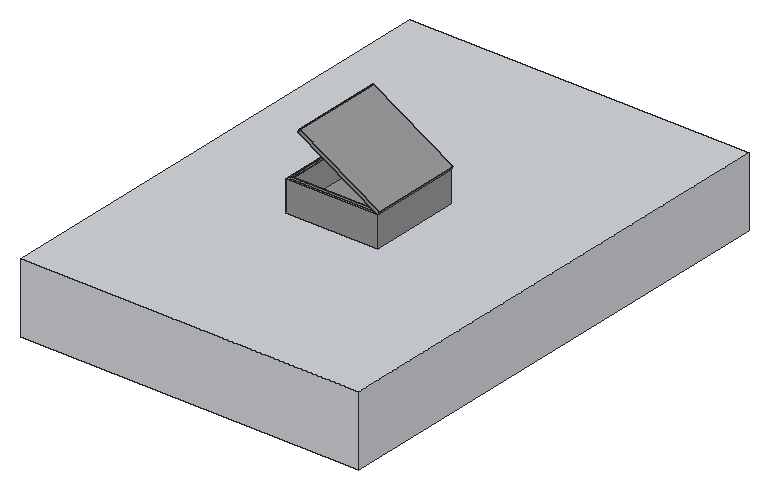
Revit family "Hager-Orion_Inox-IP66-D150-Cl.I-Inox_encl-630A-400mm-CH-fr", category Equipement électrique, Revit 2020
Family settings
  Hôte = Face
  Configuration du panneau = Deux colonnes, circuits au sein
  Cote de connecteur circulaire = Utiliser le diamètre
  Type d'élément = Tableau de raccordement
  Couper avec des vides une fois chargée = Non
  Partagée = Non
  Point de calcul de pièce = Non
Parameters (values of type "saillie IP66 L400 H400 P150  - FL014BWL")
  Width Control [instance] = if([EF000008 - largeur] > Min Width, [EF000008 - largeur], Min Width)  # 400 mm
  Commentaires du type = [HG000003 - Gamme]  # "Orion Inox"
  Thickness Door [instance] = if([EF009171 - épaisseur de matériau de la porte/du couvercle] > 3 mm, 3 mm, [EF009171 - épaisseur de matériau de la porte/du couvercle])  # 1.5 mm
  Seal Frame Offset [instance] = 17 mm  # constant formula
  Model = ""
  Min Width [instance] = 100 mm  # constant formula
  Min Height [instance] = 100 mm  # constant formula
  Min Depth [instance] = (2 * [EF009170 - épaisseur de matériau du boîtier]) + 1 mm  # 4 mm
  Internal Frame Depth [instance] = (Door System Depth * 0.5)  # 9 mm
  Height Control [instance] = if([EF000040 - hauteur] > Min Height, [EF000040 - hauteur], Min Height)  # 400 mm
  HG000027 - Hauteur du socle = 0 mm
  HG000026 - Installation au sol = no
  HG000024 - Hauteur de la section basse = 800 mm
  HG000023 - Armoire double section = no
  HG000016 - Visibilité de la porte 3D [instance] = yes
  HG000015 - Visibilité de l'emprise de la porte [instance] = no
  HG000014 - Porte à droite [instance] = yes
  HG000013 - Porte à gauche [instance] = not([HG000014 - Porte à droite])  # no
  HG000012 - Angle de pivotement de la porte [instance] = 30.00°
  HG000010 - Portes asymétriques = no
  HG000009 - Porte à double battant = no
  HG000006 - Encastré = no
  HG000004 - Référence fabricant = "FL014BWL"
  HG000003 - Gamme = "Orion Inox"
  HG000002 - avec porte = yes
  Frame Offset Bottom [instance] = 10 mm  # constant formula
  Frame Offset [instance] = 15 mm  # constant formula
  EF015940 - couvercle avec décharge de pression = no
  EF011959 - degré de protection (NEMA) = ""
  EF009554 - nombre d'ouvertures pour plaques à bride = 0
  Fabricant = "Hager"  # constant formula
  EF009212 - finition du couvercle = "EV009916 - avec échancrure"
  EF009171 - épaisseur de matériau de la porte/du couvercle = 1.5 mm
  EF009170 - épaisseur de matériau du boîtier = 1.5 mm
  EF008873 - courant nominal (In) = 630 A
  EF007800 - adapté à un parafoudre = no
  EF006306 - avec serrure = no
  EF006244 - couvercle/porte transparent(e) = no
  EF005474 - indice de protection (IP) = "EV006422 - IP66"
  EF004464 - type de porte = "EV002646 - unique"
  EF004427 - nombre de modules = 0
  EF004293 - indice de protection contre les chocs (IK) = "EV008784 - IK10"
  EF003532 - convient pour utilisation à l’extérieur = yes
  EF002950 - largeur en nombre de modules = 0
  EF001613 - maintien de fonction = ""
  EF001596 - matériau du boîtier/corps = "EV000166 - acier inoxydable"
  EF001131 - profondeur intérieure = 116 mm
  EF001088 - possibilité de montage en saillie = yes
  EF000437 - nombre d'entrées de conduit = 0
  EF000339 - type de capot = "EV004216 - porte"
  EF000266 - nombre de rangées = 0
  EF000218 - profondeur d'encastrement = 0 mm
  EF000118 - avec cadre/support de montage = no
  EF000116 - numéro RAL = ""
  EF000049 - profondeur = 150 mm
  EF000040 - hauteur = 400 mm
  EF000008 - largeur = 400 mm
  EF000007 - couleur = "EV000154 - autre"
  EF000003 - mode de pose = "EV000384 - saillie"
  Door System Leaf Tolerance [instance] = 1.5 mm  # constant formula
  Door System Depth [instance] = 18 mm  # constant formula
  Depth Control [instance] = if([EF000049 - profondeur] > Min Depth, [EF000049 - profondeur], Min Depth)  # 150 mm
  Default Elevation = 0 mm
Types (4, lengths in mm): name | Width Control | HG000004 - Référence fabricant | EF009212 - finition du couvercle | EF006306 - avec serrure | EF006244 - couvercle/porte transparent(e) | EF004293 - indice de protection contre les chocs (IK) | EF001613 - maintien de fonction | EF000008 - largeur
  saillie IP66 L300 H400 P150  - FL014TW | 300 | "FL014TW" | "EV000116 - fermé" | yes | yes | "EV006814 - IK08" | "EV000494 - sans" | 300
  saillie IP66 L300 H400 P150  - FL014TWL | 300 | "FL014TWL" | "EV000116 - fermé" | yes | yes | "EV006814 - IK08" | "EV000494 - sans" | 300
  saillie IP66 L400 H400 P150  - FL014BW | 400 | "FL014BW" | "EV009916 - avec échancrure" | no | no | "EV008784 - IK10" | "" | 400
  saillie IP66 L400 H400 P150  - FL014BWL | 400 | "FL014BWL" | "EV009916 - avec échancrure" | no | no | "EV008784 - IK10" | "" | 400
Reference planes
  plane 1 "Center (Front/Back)": y = 0
  plane 2: z = 0
  plane 3 "Center (Left/Right)": x = 0
  plane 4: z = 150
  plane 5: y = 1.5
  plane 6: y = 200
  plane 7: y = 0
  plane 8: y = 400
  plane 9: z = 0
  plane 10: x = -185
  plane 11: x = 185
  plane 12: x = 183.5
  plane 13: x = -183.5
  plane 14: y = 398.5
  plane 15: x = -183
  plane 16: x = -200
  plane 17: x = 183
  plane 18: x = 200
  plane 19: x = 198.5
  plane 20: x = -198.5
  plane 21: y = 11.5
  plane 22: y = 400
  plane 23: y = 383.5
  plane 24: z = 132
  plane 25: z = 1.5
  plane 26: z = 130.5
  plane 27: z = 148.5
Forms (mm)
  Extrusion 1, solid
    sketch origin (0, 0, 0) x (1, 0, 0) y (0, 1, 0)
      loop
        line (-702.964, 1305) -> (-702.964, -811.445) -> (766.763, -811.445) -> (766.763, 1305) -> (-702.964, 1305)
    from 0 to -304.8
  Extrusion 2, solid, material "Hager_Stainless_Steel", detail levels medium+fine
    sketch origin (0, 0, 0) x (1, 0, 0) y (0, 1, 0)
      loop
        line (-200, 0) -> (200, 0) -> (200, 400) -> (-200, 400) -> (-200, 0)
    from 0 to 132
  Extrusion 3, solid, material "Hager_Steel_RAL 7035_Light_Grey", not visible, detail levels medium+fine
    sketch origin (0, 28.16, 50.802) x (0, 1, 0) y (0, 0, 1)
      loop
        line (223.34, -50.802) -> (223.34, 87.698)
        arc (223.34, 87.698) -> (220.411, 94.769) -> (213.34, 97.698) r 10
        line (213.34, 97.698) -> (183.34, 97.698) -> (183.34, -50.802) -> (223.34, -50.802)
    from -198.5 to 198.5
  Extrusion 4, void
    sketch origin (0, 0, 0) x (1, 0, 0) y (0, 1, 0)
      loop
        line (-198.5, 1.5) -> (198.5, 1.5) -> (198.5, 398.5) -> (-198.5, 398.5) -> (-198.5, 1.5)
    from 1.5 to 130.5
  Extrusion 5, void
    sketch origin (-381.607, -4572, 132) x (0, -1, 0) y (-1, 0, 0)
      loop
        line (-4583.5, -198.107) -> (-4955.5, -198.107) -> (-4955.5, -565.107) -> (-4583.5, -565.107) -> (-4583.5, -198.107)
    from 0 to 1.5 <- "EF009170 - épaisseur de matériau du boîtier"
  Extrusion 6, solid, material "Hager_Stainless_Steel", detail levels fine
    sketch origin (-381.607, -4572, 132) x (-1, 0, 0) y (0, -1, 0)
      loop
        line (-198.107, -4583.5) -> (-565.107, -4583.5) -> (-565.107, -4955.5) -> (-198.107, -4955.5) -> (-198.107, -4583.5)
      loop
        line (-197.107, -4582) -> (-566.107, -4582) -> (-566.107, -4957) -> (-197.107, -4957) -> (-197.107, -4582)
    from 0 to 9 <- "Internal Frame Depth"
  Extrusion 7, solid, material "Hager_Stainless_Steel", detail levels coarse
    sketch origin (0, 0, 0) x (1, 0, 0) y (0, 1, 0)
      loop
        line (-200, 0) -> (200, 0) -> (200, 400) -> (-200, 400) -> (-200, 0)
    from 0 to 150
Cuts and joins
  Extrusion 4, Extrusion 5 cuts Extrusion 2
Lines and regions (mm)
  Masking region 1
    outline origin (0, 0, 0) x (1, 0, 0) y (0, 0, 1)
      loop
        line (-200, 150) -> (-200, 0) -> (200, 0) -> (200, 150) -> (-200, 150)
  Masking region 2, detail levels medium+fine
    outline origin (0, 140, 0) x (0, 1, 0) y (0, 0, 1)
      loop
        line (-140, 0) -> (260, 0) -> (260, 132) -> (-140, 132) -> (-140, 0)
  Masking region 3, not visible, detail levels medium+fine
    outline origin (0, 297.922, 0) x (0, 1, 0) y (0, 0, 1)
      loop
        line (-86.422, 0) -> (-46.422, 0) -> (-46.422, 138.5)
        arc (-46.422, 138.5) -> (-49.351, 145.571) -> (-56.422, 148.5) r 10
        line (-56.422, 148.5) -> (-86.422, 148.5) -> (-86.422, 0)
  Masking region 4, detail levels coarse
    outline origin (0, 0, 180) x (0, 1, 0) y (0, 0, 1)
      loop
        line (0, -180) -> (400, -180) -> (400, -30) -> (0, -30) -> (0, -180)
  Masking region 5
    outline origin (-381.607, -4572, 132) x (-1, 0, 0) y (0, -1, 0)
      loop
        line (-181.607, -4972) -> (-181.607, -4572) -> (-581.607, -4572) -> (-581.607, -4972) -> (-181.607, -4972)
Dimensions and locks
  "Depth Control": plane 4 to Extrusion 1
  "EF009170 - épaisseur de matériau du boîtier": plane 5 to plane 7
  locked: connector elem to plane 3 "Center (Left/Right)"
  equal spacing: plane 8, plane 6, plane 7
  locked: connector elem to plane 6
  "EF009170 - épaisseur de matériau du boîtier": plane 8 to plane 14
  "EF009170 - épaisseur de matériau du boîtier": plane 10 to plane 13
  "EF009170 - épaisseur de matériau du boîtier": plane 12 to plane 11
  "Frame Offset": plane 20 to plane 13
  "Frame Offset": plane 12 to plane 19
  "EF009170 - épaisseur de matériau du boîtier": plane 16 to plane 20
  "EF009170 - épaisseur de matériau du boîtier": plane 19 to plane 18
  "Seal Frame Offset": plane 16 to plane 15
  "Seal Frame Offset": plane 17 to plane 18
  "Frame Offset Bottom": plane 21 to plane 5
  "Frame Offset": plane 14 to plane 23
  equal spacing: plane 16, plane 3 "Center (Left/Right)", plane 18
  "Width Control": plane 16 to plane 18
  "EF009170 - épaisseur de matériau du boîtier": plane 4 to plane 27
  "EF009170 - épaisseur de matériau du boîtier": plane 24 to plane 26
  "EF009170 - épaisseur de matériau du boîtier": plane 25 to level
  "Door System Depth": plane 4 to plane 24
  "Height Control": plane 1 "Center (Front/Back)" to Extrusion 7 sketch curve
  "Height Control": Masking region 4 sketch curve to plane 1 "Center (Front/Back)"
  "Thickness Door": Extrusion 6 sketch curve to plane 15
  "Thickness Door": plane 21 to Extrusion 6 sketch curve
  "Thickness Door": plane 17 to Extrusion 6 sketch curve
  "Thickness Door": Extrusion 6 sketch curve to plane 23
  "Height Control": plane 1 "Center (Front/Back)" to plane 22
  radius of Masking region 3 sketch curve = 10 mm
  radius of Extrusion 3 sketch curve = 10 mm
  aligned and locked: plane 2 to Extrusion 1
  aligned and locked: level to Extrusion 1
  aligned and locked: level to Masking region 1 sketch curve
  aligned and locked: Masking region 1 sketch curve to plane 18
  aligned and locked: Masking region 1 sketch curve to plane 16
  aligned and locked: plane 7 to Masking region 2 sketch curve
  aligned and locked: level to Masking region 3 sketch curve
  aligned and locked: Masking region 3 sketch curve to plane 27
  aligned and locked: level to Masking region 2 sketch curve
  aligned and locked: Extrusion 2 sketch curve to plane 7
  aligned and locked: plane 16 to Extrusion 2 sketch curve
  aligned and locked: plane 18 to Extrusion 2 sketch curve
  aligned and locked: Extrusion 3 sketch curve to level
  aligned and locked: plane 27 to Extrusion 3 sketch curve
  aligned and locked: plane 20 to Extrusion 3
  aligned and locked: plane 19 to Extrusion 3
  aligned and locked: plane 20 to Extrusion 4 sketch curve
  aligned and locked: plane 19 to Extrusion 4 sketch curve
  aligned and locked: Extrusion 4 sketch curve to plane 5
  aligned and locked: Extrusion 4 to plane 25
  aligned and locked: plane 26 to Extrusion 4
  aligned and locked: plane 24 to Extrusion 2
  aligned and locked: plane 21 to Extrusion 5 sketch curve
  aligned and locked: Extrusion 5 sketch curve to plane 13
  aligned and locked: Extrusion 5 sketch curve to plane 12
  aligned and locked: plane 18 to Extrusion 7 sketch curve
  aligned and locked: plane 1 "Center (Front/Back)" to Extrusion 7 sketch curve
  aligned and locked: plane 16 to Extrusion 7 sketch curve
  aligned and locked: plane 4 to Extrusion 7
  aligned and locked: Extrusion 7 to level
  aligned and locked: level to Masking region 4 sketch curve
  aligned and locked: Masking region 4 sketch curve to plane 1 "Center (Front/Back)"
  aligned and locked: Masking region 4 sketch curve to plane 4
  aligned and locked: nested 1 to level
  aligned and locked: nested 1 to plane 16
  aligned and locked: plane 8 to Extrusion 2 sketch curve
  aligned and locked: plane 23 to Extrusion 5 sketch curve
  aligned and locked: plane 14 to Extrusion 4 sketch curve
  aligned and locked: Extrusion 6 sketch curve to plane 21
  aligned and locked: plane 13 to Extrusion 6 sketch curve
  aligned and locked: plane 23 to Extrusion 6 sketch curve
  aligned and locked: plane 12 to Extrusion 6 sketch curve
  aligned and locked: Masking region 2 sketch curve to plane 8
  aligned and locked: Masking region 2 sketch curve to plane 24
  aligned and locked: nested 2 to plane 3 "Center (Left/Right)"
  aligned and locked: nested 2 to plane 24
  aligned and locked: Masking region 5 sketch curve to plane 1 "Center (Front/Back)"
  aligned and locked: Masking region 5 sketch curve to plane 18
  aligned and locked: Masking region 5 sketch curve to plane 22
  aligned and locked: Masking region 5 sketch curve to plane 16
  aligned and locked: plane 8 to plane 22
  aligned and locked: plane 7 to plane 1 "Center (Front/Back)"
  aligned and locked: nested 2 to plane 1 "Center (Front/Back)"
Automatic sketch dimensions
  Extrusion 1 sketch curve to Extrusion 1 sketch curve = 1469.727 mm
  Extrusion 1 sketch curve to Extrusion 1 sketch curve = 2116.445 mm
  plane 6 to Masking region 3 sketch curve = 11.5 mm
  Masking region 3 sketch curve to Masking region 3 sketch curve = 30 mm
  plane 6 to Extrusion 3 sketch curve = 11.5 mm
  Extrusion 3 sketch curve to Extrusion 3 sketch curve = 30 mm
  Masking region 1 sketch curve to plane 4 = 0 mm
Nested families
  nested 1: "Hager_Enclosure_Symbol" at (-200, 0, 0) x (1, 0, 0) z (0, -1, 0), Height <- "Depth Control", Width <- "Width Control", type "Hager_Enclosure_Symbol"
    with Width_Ctrl 400 mm, Width 400 mm, Height_Ctrl 150 mm, Height 150 mm, A_Width_Int 9.844 mm, A_Width 118.125 mm, A_Height_Ctrl 131.25 mm, A_Height 131.25 mm
  nested 2: "EC000058_OrionInox_Door" at (0, 400, 132) x (1, 0, 0) z (0, -1, 0), Leaf_Tolerance <- "Door System Leaf Tolerance", Angle <- "HG000012 - Angle de pivotement de la porte", Door_Depth <- "Door System Depth", Door_Left <- "HG000013 - Porte à gauche", Transparent <- "EF006244 - couvercle/porte transparent(e)", Assymetrical <- "HG000010 - Portes asymétriques", Width <- "Width Control", Clearance <- "HG000015 - Visibilité de l'emprise de la porte", Double <- "HG000009 - Porte à double battant", 3d_Door <- "HG000016 - Visibilité de la porte 3D", Width_Ctrl <- "Width Control", Door_Right <- "HG000014 - Porte à droite", Door <- "HG000002 - avec porte", Height <- "Height Control", Thickness <- "Thickness Door", type "EC000058_OrionInox_Door", detail levels medium+fine
    with min_wh 4 mm, Width_Ctrl 400 mm, Width 400 mm, Transparent no, Thickness 1.5 mm, Seal_Material Hager_Rubber, Leaf_Width 400 mm, Leaf_Tolerance_External_Sides 0 mm, Leaf_Tolerance 1.5 mm, Leaf_Offset 0 mm, Leaf_Height 397 mm, Leaf_2_Width 400 mm, Leaf_2_Offset 200 mm, Leaf_1_Width 400 mm, Leaf_1_Offset 200 mm, Height_Ctrl 400 mm, Height 400 mm, Glass_Material Hager_Glass, Double_Clearance_Ctrl no, Double no, Door_Right_Ctrl yes, Door_Right yes, Door_Material Hager_Stainless_Steel, Door_Left_Ctrl no, Door_Left no, Door_Depth 18 mm, Door yes, Clearance_Material Hager_Clearance, Clearance_Depth 400 mm, Clearance_Ctrl no, Clearance no, Assymetrical no, Angle 30.00°, 3d_Door yes
Connectors
  electrical at (0, 200, 0)
    settings: on plane 9, index 1, voltage 0 V, apparent load 0 VA, apparent load phase1 0 VA, apparent load phase2 0 VA, apparent load phase3 0 VA, power factor 1, load classification "Other", number of poles 1, system type 30, power factor state 1, is connector primary yes, connector utility no, sub classification motor no, connector description ""
Definition of nested family "EC000058_OrionInox_Door"
  Parameters (values of type "EC000058_OrionInox_Door")
    min_wh [instance] = (2 * Thickness) + 1 mm  # 11 mm
    Width_Ctrl [instance] = 400 mm
    Width [instance] = 500 mm
    Transparent [instance] = yes
    Thickness [instance] = 5 mm
    Seal_Material [instance] = none
    Leaf_Width [instance] = if((Width_Ctrl - 2 * Leaf_Tolerance_External_Sides) > 0 mm, (Width_Ctrl - 2 * Leaf_Tolerance_External_Sides), min_wh)  # 400 mm
    Leaf_Tolerance_External_Sides [instance] = 0 mm  # constant formula
    Leaf_Tolerance [instance] = 1.5 mm
    Leaf_Offset [instance] = 0 mm  # constant formula
    Leaf_Height [instance] = if((Height_Ctrl - 2 * Leaf_Tolerance) > 0 mm, (Height_Ctrl - 2 * Leaf_Tolerance), min_wh)  # 497 mm
    Leaf_2_Width [instance] = if(and(and(Double, Assymetrical), Door_Left), (Leaf_Width / 3) - (Leaf_Tolerance / 2), if(and(and(Double, Assymetrical), Door_Right), (Leaf_Width / 3) * 2 - (Leaf_Tolerance / 2), if(and(Double, not(Assymetrical)), (Leaf_Width / 2) - Leaf_Tolerance, Leaf_Width)))  # 400 mm
    Leaf_2_Offset [instance] = if(and(Double, Assymetrical), Leaf_2_Width / 2, if(and(Double, not(Assymetrical)), Leaf_Width / 4, Leaf_Width / 2))  # 200 mm
    Leaf_1_Width [instance] = if(and(and(Double, Assymetrical), Door_Right), (Leaf_Width / 3) - (Leaf_Tolerance / 2), if(and(and(Double, Assymetrical), Door_Left), (Width / 3) * 2 - (Leaf_Tolerance / 2), if(and(Double, not(Assymetrical)), (Leaf_Width / 2) - Leaf_Tolerance, Leaf_Width)))  # 400 mm
    Leaf_1_Offset [instance] = if(and(Double, Assymetrical), Leaf_1_Width / 2, if(and(Double, not(Assymetrical)), Leaf_Width / 4, Leaf_Width / 2))  # 200 mm
    Height_Ctrl [instance] = if(Height > min_wh, Height, min_wh)  # 500 mm
    Height [instance] = 500 mm
    Glass_Material [instance] = none
    Double_Clearance_Ctrl [instance] = and(Double, Clearance)  # no
    Double [instance] = no
    Door_Right_Ctrl [instance] = and(or(Door_Right, Double), Door)  # yes
    Door_Right [instance] = yes
    Door_Material [instance] = none
    Door_Left_Ctrl [instance] = and(or(Door_Left, Double), Door)  # no
    Door_Left [instance] = no
    Door_Depth [instance] = 30 mm
    Door [instance] = yes
    Default Elevation = 1219.2 mm
    Clearance_Material [instance] = none
    Clearance_Depth [instance] = if(Leaf_1_Width > Leaf_2_Width, Leaf_1_Width, Leaf_2_Width)  # 400 mm
    Clearance_Ctrl [instance] = and(not(Double), Clearance)  # yes
    Clearance [instance] = yes
    Assymetrical [instance] = yes
    Angle [instance] = 30.00°
    3d_Door [instance] = yes
  Reference planes
    plane 1 "Center (Front/Back)": y = 0
    plane 2 "Bottom": z = 0
    plane 3 "Center (Left/Right)": x = 0
    plane 4: z = 500
    plane 5: x = -200
    plane 6: x = 200
    plane 7: z = 500
    plane 8: x = -200
    plane 9: z = 0
    plane 10: x = 200
    plane 11: y = 0
    plane 12: z = 1.5
    plane 13: x = -600
    plane 14: y = -400
    plane 15: x = 600
    plane 16: x = 0
    plane 17: x = 0
    plane 18: x = -200
    plane 19: x = 200
    plane 20: z = 498.5
  Forms (mm)
    Extrusion 1, solid, material <- "Clearance_Material", visible <- "Double_Clearance_Ctrl"
      sketch origin (1200, 0, 0) x (1, 0, 0) y (0, 0, -1)
        loop
          line (-1800, -498.5) -> (-600, -498.5) -> (-600, 0) -> (-1800, 0) -> (-1800, -498.5)
      from 0 to -400
  Dimensions and locks
    equal spacing: plane 5, plane 3 "Center (Left/Right)", plane 6
    "Width_Ctrl": plane 5 to plane 6
    "Leaf_Offset": plane 5 to plane 8
    "Leaf_Offset": plane 6 to plane 10
    "Leaf_Offset": plane 9 to level
    "Leaf_Offset": plane 4 to plane 7
    "Height_Ctrl": plane 4 to level
    "Leaf_Tolerance": plane 12 to plane 9
    locked: plane 11 to plane 1 "Center (Front/Back)"
    "Leaf_1_Offset": plane 18 to plane 16
    "Leaf_2_Offset": plane 17 to plane 19
    "Leaf_1_Width": plane 13 to plane 8
    "Leaf_2_Width": plane 10 to plane 15
    "Clearance_Depth": plane 14 to plane 1 "Center (Front/Back)"
    "Leaf_Tolerance_External_Sides": plane 8 to plane 18
    "Leaf_Tolerance_External_Sides": plane 19 to plane 10
    "Leaf_Tolerance": plane 7 to plane 20
    aligned and locked: level to plane 2 "Bottom"
    aligned and locked: nested 1 to plane 16
    aligned and locked: nested 2 to plane 17
    aligned and locked: Extrusion 1 to plane 13
    aligned and locked: plane 15 to Extrusion 1
    aligned and locked: Extrusion 1 to plane 14
    aligned and locked: plane 12 to nested 1
    aligned and locked: nested 2 to plane 12
    aligned and locked: Extrusion 1 to plane 11
    aligned and locked: plane 20 to Extrusion 1
    aligned and locked: nested 2 to plane 11
    aligned and locked: nested 1 to plane 11
  Automatic sketch dimensions
    Extrusion 1 sketch curve to level = 0 mm
    plane 5 to Extrusion 1 sketch curve = 400 mm
    plane 6 to Extrusion 1 sketch curve = 400 mm
    Extrusion 1 sketch curve to plane 4 = 1.5 mm
  Nested families
    nested 1: "EC000058_OrionInox_Door_Leaf" at (0, 0, 1.5), Width <- "Leaf_1_Width", visible <- "Door_Left_Ctrl", Leaf_Height <- "Leaf_Height", Angle <- "Angle", 3d_Door <- "3d_Door", Transparent <- "Transparent", Clearance Material <- "Clearance_Material", Clearance <- "Clearance_Ctrl", Door_Material <- "Door_Material", Glass_Material <- "Glass_Material", Door_Depth <- "Door_Depth", Seal_Material <- "Seal_Material", Thickness <- "Thickness", type "EC000058_OrionInox_Door_Leaf"
      with Width 400 mm, Transparent_Ctrl yes, Transparent yes, Thickness 5 mm, Standard no, Seal_Material none, Seal_D2 8 mm, Seal_D1 1 mm, Offset_Internal_Frame 10 mm, Lock_Width 28 mm, Lock_Thickness 2 mm, Lock_Radius 6 mm, Leaf_Height 497 mm, Internal_Seal_Thickness 8 mm, Internal_Seal_Depth_2 4.5 mm, Internal_Frame_Depth 25 mm, Glass_Thickness -1 mm, Glass_Offset -2 mm, Glass_Material none, Door_Material none, Door_Depth 30 mm, Clearance Material none, Clearance yes, Angle_Ctrl 30.00°, Angle 30.00°, 3d_Door yes
    nested 2: "EC000058_OrionInox_Door_Leaf" at (0, 0, 1.5) x (-1, 0, 0) z (0, 0, 1), Width <- "Leaf_2_Width", visible <- "Door_Right_Ctrl", Leaf_Height <- "Leaf_Height", Angle <- "Angle", 3d_Door <- "3d_Door", Transparent <- "Transparent", Clearance Material <- "Clearance_Material", Clearance <- "Clearance_Ctrl", Door_Material <- "Door_Material", Glass_Material <- "Glass_Material", Door_Depth <- "Door_Depth", Seal_Material <- "Seal_Material", Thickness <- "Thickness", type "EC000058_OrionInox_Door_Leaf"
      with Width 400 mm, Transparent_Ctrl yes, Transparent yes, Thickness 5 mm, Standard no, Seal_Material none, Seal_D2 8 mm, Seal_D1 1 mm, Offset_Internal_Frame 10 mm, Lock_Width 28 mm, Lock_Thickness 2 mm, Lock_Radius 6 mm, Leaf_Height 497 mm, Internal_Seal_Thickness 8 mm, Internal_Seal_Depth_2 4.5 mm, Internal_Frame_Depth 25 mm, Glass_Thickness -1 mm, Glass_Offset -2 mm, Glass_Material none, Door_Material none, Door_Depth 30 mm, Clearance Material none, Clearance yes, Angle_Ctrl 30.00°, Angle 30.00°, 3d_Door yes
  Definition of nested family "EC000058_OrionInox_Door_Leaf"
    Parameters (values of type "EC000058_OrionInox_Door_Leaf")
      Width [instance] = 450 mm
      Transparent_Ctrl [instance] = and(Transparent, [3d_Door])  # yes
      Transparent [instance] = yes
      Thickness [instance] = 5 mm
      Standard [instance] = and(not(Transparent), [3d_Door])  # no
      Seal_Material [instance] = none
      Seal_D2 [instance] = 8 mm  # constant formula
      Seal_D1 [instance] = 1 mm  # constant formula
      Offset_Internal_Frame [instance] = 10 mm  # constant formula
      Lock_Width [instance] = Door_Depth - Lock_Thickness  # 28 mm
      Lock_Thickness [instance] = 2 mm  # constant formula
      Lock_Radius [instance] = 6 mm  # constant formula
      Leaf_Height [instance] = 450 mm
      Internal_Seal_Thickness [instance] = 8 mm  # constant formula
      Internal_Seal_Depth_2 [instance] = 4.5 mm  # constant formula
      Internal_Frame_Depth [instance] = if(Door_Depth - Thickness > 5 mm, Door_Depth - Thickness, 5 mm)  # 25 mm
      Glass_Thickness [instance] = if(Thickness > 15 mm, Glass_Offset + 10 mm, -1 mm)  # -1 mm
      Glass_Offset [instance] = if(Thickness > 15 mm, -(Thickness + 10 mm) / 2, -2 mm)  # -2 mm
      Glass_Material [instance] = none
      Door_Material [instance] = none
      Door_Depth [instance] = 30 mm
      Default Elevation = 0 mm
      Clearance Material [instance] = none
      Clearance [instance] = yes
      Angle_Ctrl [instance] = if(Angle > 180.00°, 180.00°, Angle)  # 90.00°
      Angle [instance] = 90.00°
      3d_Door [instance] = yes
    Reference planes
      plane 1 "Center (Front/Back)": y = 0
      plane 2: z = 0
      plane 3 "Center (Left/Right)": x = 0
      plane 4: y = 450
      plane 5: x = -225
      plane 6: x = 225
      plane 7: x = -675
      plane 8: z = 450
      plane 9: z = 30
      plane 10: z = 420
      plane 11: x = 195
      plane 12: x = -195
      plane 13: y = -3
      plane 14: z = 107.833
      plane 15: y = -5
      plane 16: y = -223.314
      plane 17: x = -225
      plane 18: y = 30
    Forms (mm)
      Extrusion 1, solid, material <- "Clearance Material", visible <- "Clearance"
        sketch origin (0, 0, 0) x (1, 0, 0) y (0, 0, 1)
          loop
            line (-675, 450) -> (-675, 0) -> (225, 0) -> (225, 450) -> (-675, 450)
        from 0 to -450
      Extrusion 2, solid, material <- "Door_Material", visible <- "Standard", detail levels medium+fine
        sketch origin (-225, 0, 0) x (0, 1, 0) y (-1, 0, 0)
          loop
            line (0, 30) -> (0, 25) -> (450, 25) -> (450, 30) -> (0, 30)
        from 0 to 450 <- "Leaf_Height"
      Extrusion 3, solid, material <- "Door_Material", visible <- "Transparent_Ctrl", detail levels medium+fine
        sketch origin (-225, 0, 0) x (0, 1, 0) y (-1, 0, 0)
          loop
            line (0, 25) -> (450, 25) -> (450, 30) -> (0, 30) -> (0, 25)
        from 0 to 450 <- "Leaf_Height"
      Extrusion 4, void
        sketch origin (-250, 450, 0) x (0, 1, 0) y (0, 0, -1)
          loop
            line (-30, -420) -> (-30, -30) -> (-420, -30) -> (-420, -420) -> (-30, -420)
        from 0 to 5 <- "Thickness"
      Sweep 5, solid, material <- "Seal_Material", visible <- "Transparent_Ctrl", detail levels fine
        path in 3D
          loop
            line (-250, 30, 30) -> (-250, 30, 420) -> (-250, 420, 420) -> (-250, 420, 30) -> (-250, 30, 30)
        profile origin (-250, 225, 30) x (1, 0, 0) y (0, 0, 1)
          loop
            line (0, 0) -> (0, -8) -> (1, -8) -> (1, 0) -> (0, 0)
      Extrusion 6, solid, material <- "Glass_Material", visible <- "Transparent_Ctrl", detail levels medium+fine
        sketch origin (-255, 0, 0) x (0, 1, 0) y (0, 0, -1)
          loop
            line (420, -420) -> (420, -30) -> (30, -30) -> (30, -420) -> (420, -420)
        from -2 <- "Glass_Offset" to -1 <- "Glass_Thickness"
      Extrusion 7, solid, material <- "Door_Material", visible <- "3d_Door", detail levels medium+fine
        sketch origin (-250, 450, 0) x (0, -1, 0) y (0, 0, -1)
          loop
            line (0, -450) -> (450, -450) -> (450, 0) -> (0, 0) -> (0, -450)
          loop
            line (445, -5) -> (5, -5) -> (5, -445) -> (445, -445) -> (445, -5)
        from 0 to 25 <- "Internal_Frame_Depth"
      Sweep 8, solid, material <- "Seal_Material", visible <- "Transparent_Ctrl", detail levels fine
        path in 3D
          loop
            line (-250, 0, 0) -> (-250, 450, 0) -> (-250, 450, 450) -> (-250, 0, 450) -> (-250, 0, 0)
        profile origin (-250, 0, 225) x (1, 0, 0) y (0, 1, 0)
          loop
            line (0, 10) -> (2.975, 10)
            arc (2.975, 10) -> (4.053, 10.447) -> (4.5, 11.525) r 1.525
            line (4.5, 11.525) -> (4.5, 16.527)
            arc (4.5, 16.527) -> (4.069, 17.569) -> (3.027, 18) r 1.473
            line (3.027, 18) -> (0, 18) -> (0, 10)
    Cuts and joins
      Extrusion 4 cuts Extrusion 3
    Lines and regions (mm)
      Masking region 1, detail levels medium+fine
        outline origin (0, 0, 0) x (0, 1, 0) y (0, 0, 1)
          loop
            line (0, 0) -> (30, 0) -> (30, 450) -> (0, 450) -> (0, 0)
      Masking region 2, detail levels medium+fine
        outline origin (0, 0, 0) x (1, 0, 0) y (0, 0, 1)
          loop
            line (-225, 450) -> (-225, 0) -> (225, 0) -> (225, 450) -> (-225, 450)
      symbolic lines
        curve 1: line (225, 0, 0) -> (-675, 0, 0)
        curve 2: arc (225, 0, 0) -> (-225, 450, 0) -> (-675, 0, 0) r 450
        curve 4: line (-255, 0, 0) -> (-255, 450, 0)
      reference lines
        curve 3: line (-225, 0, 0) -> (-225, 450, 0)
      symbolic lines, detail levels medium+fine
        curve 5: line (-255, 450, 0) -> (-250, 450, 0)
        curve 7: line (-250, 0, 0) -> (-255, 0, 0)
        curve 8: line (-250, 0, 0) -> (-225, 0, 0)
        curve 9: line (-225, 0, 0) -> (-225, 450, 0)
        curve 10: line (-225, 450, 0) -> (-250, 450, 0)
      symbolic lines, detail levels fine
        curve 6: line (-250, 450, 0) -> (-250, 0, 0)
      sketch lines
        curve 11: line (-250, 0, 450) -> (-250, 0, 0)
        curve 12: line (-250, 450, 0) -> (-250, 0, 0)
        curve 13: line (-250, 450, 450) -> (-250, 450, 0)
        curve 14: line (-250, 0, 450) -> (-250, 450, 450)
        curve 15: line (-250, 420, 30) -> (-250, 30, 30)
        curve 16: line (-250, 30, 30) -> (-250, 30, 420)
        curve 17: line (-250, 420, 420) -> (-250, 420, 30)
        curve 18: line (-250, 30, 420) -> (-250, 420, 420)
      symbolic lines, visible <- "Transparent", detail levels medium+fine
        curve 19: line (-195, 0, 420) -> (195, 0, 420)
        curve 20: line (-195, 0, 30) -> (-195, 0, 420)
        curve 21: line (195, 0, 30) -> (-195, 0, 30)
        curve 22: line (195, 0, 420) -> (195, 0, 30)
    Dimensions and locks
      "Width": plane 1 "Center (Front/Back)" to plane 4
      equal spacing: plane 5, plane 3 "Center (Left/Right)", plane 6
      "Width": plane 5 to plane 6
      "Width": plane 7 to plane 5
      "Leaf_Height": plane 8 to level
      "Width": curve 5 to curve 3
      "Width": curve 3 to curve 3
      plane 8 to plane 10 = 30 mm
      plane 9 to level = 30 mm
      plane 12 to plane 5 = 30 mm
      plane 6 to plane 11 = 30 mm
      Extrusion 4 sketch curve to Extrusion 3 = 30 mm
      Extrusion 3 to Extrusion 4 sketch curve = 30 mm
      Extrusion 1 to Extrusion 4 sketch curve = 30 mm
      curve 3 to Extrusion 4 sketch curve = 30 mm
      Extrusion 4 sketch curve to cut or joined group of Extrusion 3, Extrusion 4 = 30 mm
      cut or joined group of Extrusion 3, Extrusion 4 to Extrusion 6 sketch curve = 30 mm
      cut or joined group of Extrusion 3, Extrusion 4 to Extrusion 4 sketch curve = 30 mm
      "Thickness": curve 6 to curve 4
      "Thickness": Extrusion 7 sketch curve to Extrusion 7 sketch curve  (x4)
      "Door_Depth": curve 4 to curve 3
      "Offset_Internal_Frame": profile plane to Sweep 8 sketch curve
      "Internal_Seal_Thickness": Sweep 8 sketch curve to Sweep 8 sketch curve
      "Internal_Seal_Depth_2": profile plane to Sweep 8 sketch curve
      "Seal_D1": profile plane to Sweep 5 sketch curve
      "Seal_D2": profile plane to Sweep 5 sketch curve
      "Thickness": Extrusion 2 sketch curve to Extrusion 2 sketch curve
      "Door_Depth": plane 18 to plane 1 "Center (Front/Back)"
      radius of Sweep 8 sketch curve = 1.525 mm
      radius of Sweep 8 sketch curve = 1.473 mm
      "Angle_Ctrl": angle plane 1 "Center (Front/Back)" to curve 3
      aligned and locked: level to plane 2
      aligned and locked: Extrusion 1 to curve 1
      aligned and locked: plane 6 to Extrusion 1
      aligned and locked: plane 1 "Center (Front/Back)" to Extrusion 1
      aligned and locked: plane 4 to Extrusion 1
      aligned and locked: plane 8 to Extrusion 1
      aligned and locked: curve 7 to Extrusion 2 sketch curve
      aligned and locked: curve 5 to Extrusion 2 sketch curve
      aligned and locked: curve 7 to Extrusion 3 sketch curve
      aligned and locked: Extrusion 3 sketch curve to curve 4
      aligned and locked: Extrusion 3 sketch curve to curve 6
      aligned and locked: Extrusion 3 sketch curve to curve 5
      aligned and locked: curve 9 to curve 3
      aligned and locked: Extrusion 7 sketch curve to cut or joined group of Extrusion 3, Extrusion 4  (x4)
      aligned and locked: plane 17 to curve 3
      aligned and locked: plane 1 "Center (Front/Back)" to curve 3
      aligned and locked: plane 17 to plane 5
      aligned and locked: Sweep 8 sketch curve to profile plane
      aligned and locked: Sweep 5 sketch curve to profile plane  (x2)
      aligned and locked: plane 1 "Center (Front/Back)" to Masking region 1 sketch curve
      aligned and locked: plane 18 to Masking region 1 sketch curve
      aligned and locked: level to Masking region 1 sketch curve
      aligned and locked: Masking region 1 sketch curve to plane 8
      aligned and locked: plane 17 to Masking region 2 sketch curve
      aligned and locked: level to Masking region 2 sketch curve
      aligned and locked: Masking region 2 sketch curve to plane 8
      aligned and locked: plane 12 to curve 20
      aligned and locked: plane 10 to curve 19
      aligned and locked: plane 11 to curve 22
      aligned and locked: plane 9 to curve 21
      aligned and locked: Extrusion 2 sketch curve to cut or joined group of Extrusion 3, Extrusion 4
    Automatic sketch dimensions
      plane 1 "Center (Front/Back)" to curve 2 = 0 mm
      curve 2 to plane 5 = 0 mm
      Extrusion 1 sketch curve to level = 0 mm
      Extrusion 1 sketch curve to plane 7 = 0 mm
      Extrusion 1 sketch curve to plane 6 = 0 mm
      Extrusion 1 sketch curve to plane 8 = 0 mm
      Extrusion 3 to Extrusion 6 sketch curve = 30 mm  (x4)
      Masking region 2 sketch curve to plane 6 = 0 mm
      curve 4 to curve 3 = 0 mm
Definition of nested family "Hager_Enclosure_Symbol"
  Parameters (values of type "Hager_Enclosure_Symbol")
    Width_Ctrl [instance] = if(Width > 1 mm, Width, 1 mm)  # 102.27 mm
    Width [instance] = 102.27 mm
    Height_Ctrl [instance] = if(Height > 1 mm, Height, 1 mm)  # 66.5 mm
    A_Width_Int [instance] = if(A_Width / 12 > 2 mm, A_Width / 12, 2 mm)  # 4.364 mm
    A_Width [instance] = if(A_Height_Ctrl * 0.9 > 2 mm, A_Height_Ctrl * 0.9, 2 mm)  # 52.369 mm
    A_Height_Ctrl [instance] = if(A_Height > 2 mm, A_Height, 2 mm)  # 58.188 mm
    Height [instance] = 66.5 mm
    A_Height [instance] = Height - (Height / 8)  # 58.188 mm
  Reference planes
    plane 1 "Centre (avant/arrière)": y = 0
    plane 2: z = 0
    plane 3 "Centre (gauche/droite)": x = 0
    plane 4: x = 52.369
    plane 5: y = 33.042
    plane 6: y = 41.77
    plane 7: y = 66.5
    plane 8: x = 26.184
    plane 9: y = 37.406
    plane 10: x = 102.27
    plane 11: y = 66.5
    plane 12: y = 8.313
  Lines and regions (mm)
    Filled region 1, type "Solid_Black", in view "Niveau de réf."
      outline origin (0, 0, 0) x (1, 0, 0) y (0, 1, 0)
        loop
          line (52.369, 66.5) -> (33.188, 54.536) -> (45.365, 45.006) -> (52.369, 66.5)
    Filled region 2, type "Solid_Black", in view "Niveau de réf."
      outline origin (0, 0, 0) x (1, 0, 0) y (0, 1, 0)
        loop
          line (0, 0) -> (102.27, 0) -> (102.27, 66.5) -> (0, 0)
    detail lines, in view "Niveau de réf."
      curve 1: line (0, 8.313, 0) -> (26.184, 41.77, 0)
      curve 2: line (26.184, 41.77, 0) -> (26.184, 33.042, 0)
      curve 3: line (26.184, 33.042, 0) -> (52.369, 66.5, 0)
  Dimensions and locks
    "A_Width": plane 3 "Centre (gauche/droite)" to plane 4
    equal spacing: plane 3 "Centre (gauche/droite)", plane 8, plane 4
    equal spacing: plane 6, plane 9, plane 5
    equal spacing: curve 3, Filled region 1 sketch curve, Filled region 1 sketch curve
    "Height_Ctrl": plane 1 "Centre (avant/arrière)" to plane 11
    "A_Height_Ctrl": plane 11 to plane 12
    equal spacing: plane 11, plane 9, plane 12
    "A_Width_Int": plane 6 to plane 9
    "Width_Ctrl": plane 3 "Centre (gauche/droite)" to plane 10
    angle Filled region 1 sketch curve to curve 3 = 20.00°
    angle curve 3 to Filled region 1 sketch curve = 20.00°
    locked: curve 3 to Filled region 1 sketch curve (angle 90.00°)
    aligned and locked: plane 10 to Filled region 2
    aligned and locked: plane 11 to Filled region 2 sketch curve
    aligned and locked: plane 10 to Filled region 2 sketch curve
    aligned and locked: plane 3 "Centre (gauche/droite)" to curve 1
    aligned and locked: plane 12 to curve 1
    aligned and locked: plane 7 to plane 11
  Automatic sketch dimensions
    Filled region 1 sketch curve to plane 4 = 0 mm
    Filled region 1 sketch curve to plane 7 = 0 mm
    plane 1 "Centre (avant/arrière)" to Filled region 2 sketch curve = 0 mm
    Filled region 2 sketch curve to plane 3 "Centre (gauche/droite)" = 0 mm
    curve 2 to plane 6 = 0 mm
    curve 2 to plane 8 = 0 mm
    curve 3 to plane 4 = 0 mm
    curve 2 to plane 5 = 0 mm
    curve 3 to plane 7 = 0 mm
